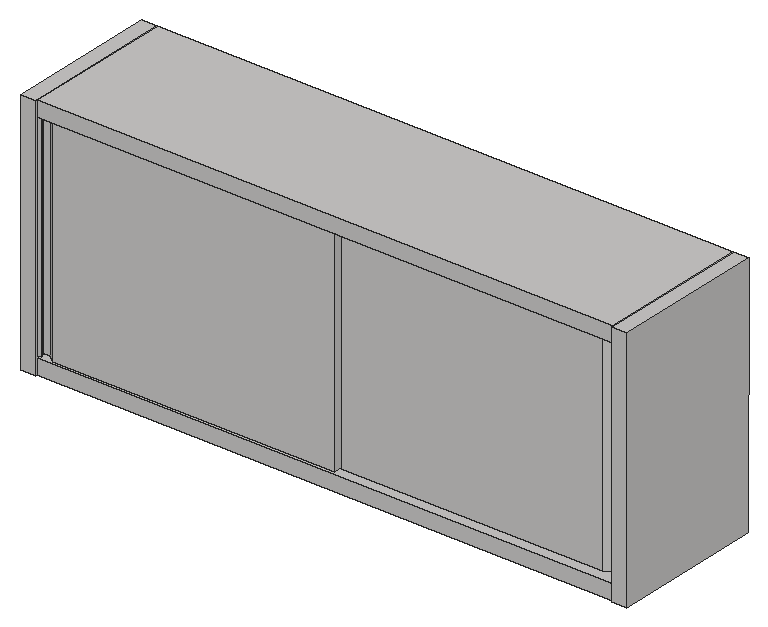
Revit family "QF_ZANUSSI_132924_SPS16LCN", category Attrezzature speciali, Revit 2020
Family settings
  Quota connettore circolare = Usa diametro
  Tipo di parte = Normale
  Basato su piano di lavoro = No
  Sempre verticale = Sì
  Taglio con vuoti quando caricato = No
  Condiviso = No
  Punto di calcolo locali = No
Parameters (values of type "Standard")
  Weight = 31.00 kg
  Watts = 0 W
  Volts = 0 V
  URL Manufacturer = "http://www.zanussiprofessional.com"
  URL = "http://www.zanussiprofessional.com"
  Steam Supply Size = 0 mm
  Steam Supply Minimum Pressure = 0.0 Pa
  Steam Supply Maximum Pressure = 0.0 Pa
  Steam Consumption per Hour = 0
  Refrigeration Suction Line Size = 0.0 mm
  Refrigeration Liquid Line Size = 0.0 mm
  Refrigerant Compressor Remote = yes
  Prospetto di default = 0.0 mm
  Phase = 0
  Modello = "SPS16LCN"
  Produttore = "Zanussi"
  Length Actual = 1600.0 mm  # constant formula
  Item Number = "132924"
  Hot Water Size = 0 mm
  Height Actual = 650.0 mm  # constant formula
  HP = "0 HP"
  Gas Size = 0 mm
  Gas KW = 0
  Gas Input Pressure = 0 W
  Direct Waste Size = 0 mm
  Descrizione = "WALL CUPBOARD W/2 SLIDING DOORS 1600MM"
  Depth Actual = 400.0 mm  # constant formula
  Cycle = 0 Hz
  Condensate Return Size = 0 mm
  Compressed Air Volume = 0.0 L/s
  Compressed Air Size = 0 mm
  Compressed Air Pressure = 0.0 Pa
  Cold Water Size = 0 mm
  Accessory = yes
Reference planes
  plane 1 "Center (Front/Back)": y = 0
  plane 2: z = 0
  plane 3 "Center (Left/Right)": x = -300
  plane 4 "LEFT": x = -1100
  plane 5 "RIGHT": x = 500
  plane 6 "BACK": y = 200
  plane 7 "FRONT": y = -200
  plane 8 "Base": z = 2200
  plane 9 "BASE": z = 1550
  plane 10: x = -1060
  plane 11: x = 460
  plane 12: y = -197
  plane 13: y = 150
Forms (mm)
  Extrusion 1, solid, material "QF_Finishes_Stainless Steel"
    sketch origin (0, 0, 1550) x (-1, 0, 0) y (0, -1, 0)
      loop
        line (1100, -200) -> (1100, 200) -> (1060, 200) -> (1060, -200) -> (1100, -200)
      loop
        line (-460, -200) -> (-460, 200) -> (-500, 200) -> (-500, -200) -> (-460, -200)
    from 0 to 650
  Extrusion 2, solid, material "QF_Finishes_Stainless Steel"
    sketch origin (0, 0, 1550) x (-1, 0, 0) y (0, -1, 0)
      loop
        line (1060, -150) -> (1060, 197) -> (-460, 197) -> (-460, -150) -> (1060, -150)
    from 0 to 40
  Extrusion 3, solid, material "QF_Finishes_Stainless Steel"
    sketch origin (0, 0, 0) x (1, 0, 0) y (0, 1, 0)
      loop
        line (-1060, -197) -> (460, -197) -> (460, 200) -> (-1060, 200) -> (-1060, -197)
    from 2160 to 2200
  Extrusion 4, solid, material "QF_Finishes_Stainless Steel"
    sketch origin (0, 0, 1550) x (-1, 0, 0) y (0, -1, 0)
      loop
        line (1060, -200) -> (1060, -150) -> (-460, -150) -> (-460, -200) -> (1060, -200)
    from 610 to 0
  Extrusion 5, solid, material "QF_Finishes_Stainless Steel"
    sketch origin (0, 0, 0) x (1, 0, 0) y (0, 1, 0)
      loop
        line (-273.481, -197) -> (-273.481, -177) -> (-1057, -177) -> (-1057, -197) -> (-1047, -197) -> (-1047, -194) -> (-1054, -194) -> (-1054, -182) -> (-1037, -182) -> (-1017, -197) -> (-273.481, -197)
    from 1597 to 2160
  Extrusion 6, solid, material "QF_Finishes_Stainless Steel"
    sketch origin (0, 0, 0) x (1, 0, 0) y (0, 1, 0)
      loop
        line (-326.5, -177) -> (417, -177) -> (437, -162) -> (454, -162) -> (454, -174) -> (447, -174) -> (447, -177) -> (457, -177) -> (457, -157) -> (-326.5, -157) -> (-326.5, -177)
    from 2160 to 1597
Lines and regions (mm)
  symbolic lines, style "SpecialityEquipment"
    curve 1: line (500, 200, 0) -> (-1100, 200, 0)
    curve 2: line (500, -200, 0) -> (500, 200, 0)
    curve 3: line (-1100, -204.5, 0) -> (-1100, 200, 0)
    curve 4: line (-1100, -200, 0) -> (-1062, -200, 0)
    curve 5: line (462, -200, 0) -> (500, -200, 0)
    curve 7: line (462, -197, 0) -> (-1062, -197, 0)
    curve 12: line (-1014.985, -211.008, 0) -> (-1014.038, -209.239, 0)
  symbolic lines, style "SpecialityEquipmentHiddenLines"
    curve 6: line (462, -200, 0) -> (462, -197, 0)
    curve 8: line (-1062, -197, 0) -> (-1062, -200, 0)
    curve 9: line (460, -157, 0) -> (-326.5, -157, 0)
    curve 10: line (-326.5, -157, 0) -> (-326.5, -179.25, 0)
    curve 11: line (417, -179.25, 0) -> (-1057, -179.25, 0)
    curve 13: line (-273.5, -179.25, 0) -> (-273.5, -197, 0)
    curve 14: line (-1057, -179.25, 0) -> (-1057, -184.25, 0)
    curve 15: line (-1037, -184.25, 0) -> (-1054, -184.25, 0)
  symbolic lines
    curve 16: line (-1100, 200, 0) -> (500, -200, 0)
    curve 17: line (500, 200, 0) -> (-1100, -200, 0)
    curve 18: line (-1037, -184.25, 0) -> (-1017, -197, 0)
    curve 19: line (-1054, -184.25, 0) -> (-1054, -194, 0)
    curve 20: line (-1054, -194, 0) -> (-1047, -194, 0)
    curve 21: line (-1047, -194, 0) -> (-1047, -197, 0)
    curve 22: line (457, -157, 0) -> (457, -177, 0)
    curve 23: line (457, -177, 0) -> (447, -177, 0)
    curve 24: line (447, -177, 0) -> (447, -174, 0)
    curve 25: line (447, -174, 0) -> (454, -174, 0)
    curve 26: line (454, -174, 0) -> (454, -162, 0)
    curve 27: line (454, -162, 0) -> (437, -162, 0)
    curve 28: line (417, -179.25, 0) -> (437, -162, 0)
Dimensions and locks
  plane 4 "LEFT" to plane 5 "RIGHT" = 1600.0 mm
  equal spacing: plane 4 "LEFT", plane 3 "Center (Left/Right)", plane 5 "RIGHT"
  plane 6 "BACK" to plane 7 "FRONT" = 400.0 mm
  equal spacing: plane 6 "BACK", plane 1 "Center (Front/Back)", plane 7 "FRONT"
  plane 9 "BASE" to level = 1550.0 mm
  locked: plane 4 "LEFT" to plane 10 at 40
  locked: plane 11 to plane 5 "RIGHT" at 40
  plane 12 to plane 7 "FRONT" = 3.0 mm
  plane 6 "BACK" to plane 13 = 50.0 mm
  locked: plane 8 "Base" to plane 9 "BASE" at 650
  aligned and locked: level to plane 2
  aligned and locked: plane 8 "Base" to Extrusion 1
  aligned and locked: plane 6 "BACK" to Extrusion 1 sketch curve
  aligned and locked: Extrusion 1 sketch curve to plane 6 "BACK"
  aligned and locked: plane 7 "FRONT" to Extrusion 1 sketch curve
  aligned and locked: Extrusion 1 sketch curve to plane 7 "FRONT"
  aligned and locked: plane 10 to Extrusion 1
  aligned and locked: Extrusion 1 to plane 11
  aligned and locked: Extrusion 2 to plane 10
  aligned and locked: plane 11 to Extrusion 2
  aligned and locked: plane 8 "Base" to Extrusion 3
  aligned and locked: Extrusion 2 to plane 12
  aligned and locked: Extrusion 2 to plane 13
  aligned and locked: Extrusion 3 to plane 12
  aligned and locked: plane 10 to Extrusion 4 sketch curve
  aligned and locked: Extrusion 4 sketch curve to plane 11
  aligned and locked: Extrusion 4 sketch curve to plane 6 "BACK"
  aligned and locked: Extrusion 4 sketch curve to plane 13
  aligned and locked: Extrusion 4 to Extrusion 3
  aligned and locked: Extrusion 4 to plane 9 "BASE"
  aligned and locked: plane 6 "BACK" to Extrusion 3
Automatic sketch dimensions
  Extrusion 1 sketch curve to plane 5 "RIGHT" = 0.0 mm
  Extrusion 1 sketch curve to plane 11 = 0.0 mm
  Extrusion 1 sketch curve to plane 10 = 0.0 mm
  Extrusion 1 sketch curve to plane 4 "LEFT" = 0.0 mm
  Extrusion 2 sketch curve to plane 11 = 0.0 mm
  Extrusion 2 sketch curve to plane 10 = 0.0 mm
  plane 13 to Extrusion 2 sketch curve = 0.0 mm
  Extrusion 2 sketch curve to plane 12 = 0.0 mm
  Extrusion 3 sketch curve to plane 6 "BACK" = 0.0 mm
  Extrusion 3 sketch curve to plane 10 = 0.0 mm
  Extrusion 3 sketch curve to plane 11 = 0.0 mm
  Extrusion 3 sketch curve to plane 12 = 0.0 mm
  Extrusion 5 sketch curve to plane 12 = 0.0 mm  (x2)
  plane 10 to Extrusion 5 sketch curve = 3.0 mm
  Extrusion 5 sketch curve to Extrusion 5 sketch curve = 3.0 mm
  Extrusion 5 sketch curve to Extrusion 5 sketch curve = 7.0 mm
  Extrusion 5 sketch curve to Extrusion 5 sketch curve = 10.0 mm
  plane 3 "Center (Left/Right)" to Extrusion 5 sketch curve = 26.519 mm
  plane 12 to Extrusion 5 sketch curve = 3.0 mm
  Extrusion 5 sketch curve to Extrusion 5 sketch curve = 12.0 mm
  Extrusion 5 sketch curve to Extrusion 5 sketch curve = 20.0 mm  (x2)
  Extrusion 5 sketch curve to Extrusion 5 sketch curve = 0.0 mm
  Extrusion 6 sketch curve to plane 3 "Center (Left/Right)" = 26.5 mm
  plane 12 to Extrusion 6 sketch curve = 20.0 mm  (x2)
  Extrusion 6 sketch curve to plane 11 = 43.0 mm
  Extrusion 6 sketch curve to plane 11 = 23.0 mm
  Extrusion 6 sketch curve to plane 11 = 13.0 mm
  Extrusion 6 sketch curve to plane 11 = 6.0 mm
  Extrusion 6 sketch curve to plane 11 = 3.0 mm
  Extrusion 6 sketch curve to Extrusion 6 sketch curve = 3.0 mm
  Extrusion 6 sketch curve to Extrusion 6 sketch curve = 12.0 mm
  Extrusion 6 sketch curve to Extrusion 6 sketch curve = 20.0 mm
  curve 1 to plane 4 "LEFT" = 0.0 mm
  curve 4 to plane 7 "FRONT" = 0.0 mm
  curve 9 to plane 11 = 0.0 mm
  curve 6 to plane 12 = 0.0 mm
  curve 2 to plane 5 "RIGHT" = 0.0 mm
  curve 16 to plane 7 "FRONT" = 0.0 mm
  curve 17 to plane 7 "FRONT" = 0.0 mm
  curve 17 to plane 6 "BACK" = 0.0 mm
  curve 8 to plane 10 = 2.0 mm
  plane 10 to curve 11 = 3.0 mm
  plane 10 to curve 19 = 6.0 mm
  plane 12 to curve 20 = 3.0 mm
  curve 19 to curve 20 = 7.0 mm
  curve 20 to curve 15 = 10.0 mm
  curve 18 to curve 15 = 0.0 mm
  curve 15 to curve 18 = 20.0 mm
  curve 12 to plane 7 "FRONT" = 11.008 mm
  curve 18 to curve 12 = 2.015 mm
  curve 12 to plane 7 "FRONT" = 9.239 mm
  curve 12 to curve 12 = 0.948 mm
  curve 10 to plane 3 "Center (Left/Right)" = 26.5 mm
  plane 3 "Center (Left/Right)" to curve 13 = 26.5 mm
  curve 28 to plane 11 = 43.0 mm
  curve 28 to plane 11 = 23.0 mm
  curve 24 to plane 11 = 13.0 mm
  curve 25 to plane 11 = 6.0 mm
  curve 22 to curve 9 = 3.0 mm
  plane 11 to curve 5 = 2.0 mm
  curve 3 to curve 17 = 4.5 mm
  curve 14 to curve 15 = 0.0 mm
  plane 12 to curve 23 = 20.0 mm
  curve 14 to curve 14 = 5.0 mm
  curve 23 to curve 24 = 3.0 mm
  curve 25 to curve 27 = 12.0 mm
  curve 26 to curve 22 = 5.0 mm
